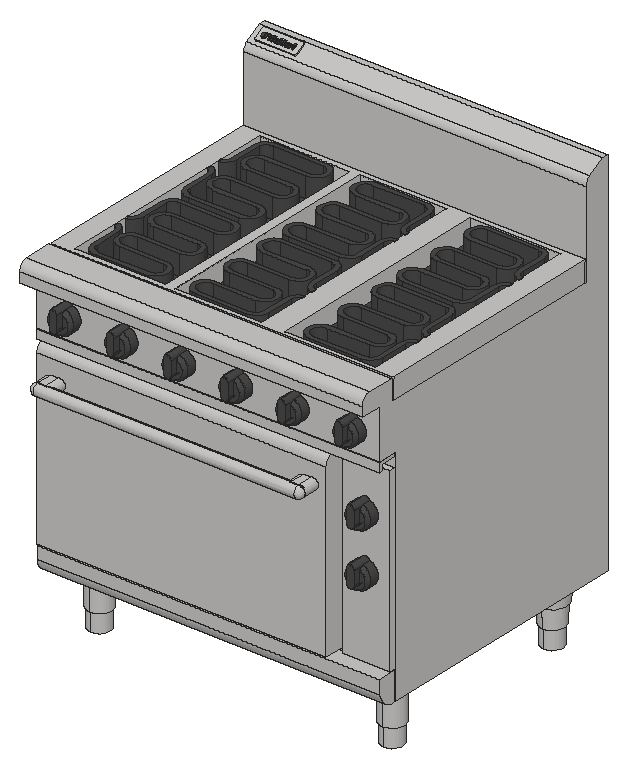
Revit family "QF_MOFFAT WALDORF_RN8610EC", category Specialty Equipment, Revit 2012 (continued)
Automatic sketch dimensions
  curve 111 to curve 111 = 25.191 mm
  curve 99 to curve 102 = 7 mm
  curve 126 to plane 16 = 74.5 mm
  curve 102 to curve 103 = 20 mm
  curve 202 to plane 16 = 57.363 mm
  curve 218 to plane 16 = 57.363 mm
  plane 12 to curve 205 = 14.572 mm
  curve 205 to plane 16 = 57.363 mm
  curve 223 to plane 16 = 57.363 mm
  curve 197 to plane 16 = 37.344 mm
  curve 208 to plane 16 = 37.344 mm
  curve 215 to curve 208 = 0 mm
  curve 225 to plane 16 = 37.344 mm
  plane 13 to curve 209 = 18.176 mm
  curve 209 to curve 209 = 0.98 mm
  curve 197 to curve 197 = 0.98 mm
  curve 214 to curve 214 = 0.98 mm
  curve 225 to curve 226 = 0.98 mm
  curve 213 to plane 16 = 10.663 mm
  curve 209 to plane 16 = 10.663 mm
  curve 197 to plane 16 = 10.663 mm
  curve 228 to plane 16 = 10.663 mm
  plane 16 to curve 113 = 11.5 mm
  plane 16 to curve 212 = 16.122 mm
  plane 16 to curve 195 = 16.122 mm
  plane 16 to curve 211 = 16.304 mm
  curve 228 to plane 10 = 7.944 mm
  plane 16 to curve 228 = 16.304 mm
  curve 124 to curve 110 = 399.303 mm
  curve 109 to curve 106 = 76.143 mm
  curve 106 to curve 107 = 3.3 mm
  curve 112 to plane 5 "FRONT" = 111.585 mm
  curve 107 to curve 122 = 12.285 mm
  curve 117 to curve 112 = 0 mm
  curve 112 to curve 225 = 15.915 mm
  curve 117 to curve 192 = 15.915 mm
  curve 121 to curve 158 = 15.915 mm
  curve 225 to curve 226 = 24.666 mm
  curve 157 to curve 159 = 24.666 mm
  curve 192 to curve 193 = 24.666 mm
  curve 224 to curve 224 = 26.7 mm
  curve 156 to curve 156 = 26.7 mm
  curve 190 to curve 190 = 26.7 mm
  curve 222 to plane 10 = 21.128 mm
  curve 188 to plane 10 = 21.128 mm
  curve 160 to plane 10 = 7.944 mm
  curve 194 to plane 10 = 7.363 mm
  curve 228 to plane 10 = 7.363 mm
  curve 160 to plane 10 = 7.363 mm
  curve 187 to curve 186 = 26.7 mm
  curve 153 to curve 152 = 26.7 mm
  curve 160 to curve 144 = 31.439 mm
  curve 228 to curve 212 = 31.443 mm
  curve 194 to curve 178 = 31.443 mm
  curve 178 to curve 179 = 25.867 mm
  curve 212 to curve 212 = 25.867 mm
  curve 144 to curve 144 = 25.867 mm
  curve 184 to curve 184 = 28.7 mm
  curve 219 to curve 218 = 28.7 mm
  curve 150 to curve 150 = 28.7 mm
  curve 214 to curve 214 = 25.704 mm
  curve 180 to curve 180 = 25.704 mm
  plane 13 to curve 141 = 17.138 mm
  curve 208 to curve 207 = 26.7 mm
  plane 12 to curve 171 = 14.572 mm
  plane 12 to curve 211 = 27.756 mm
  plane 12 to curve 143 = 27.756 mm
  curve 177 to curve 177 = 0.581 mm
  curve 143 to curve 142 = 0.581 mm
  curve 211 to curve 210 = 0.581 mm
  curve 203 to curve 203 = 26.7 mm
  curve 135 to curve 135 = 26.7 mm
  curve 169 to curve 169 = 26.7 mm
  curve 143 to curve 127 = 31.439 mm
  curve 177 to curve 161 = 31.443 mm
  curve 211 to curve 195 = 31.443 mm
  curve 195 to curve 196 = 25.867 mm
  curve 161 to curve 161 = 25.867 mm
  curve 127 to curve 127 = 25.867 mm
  curve 167 to curve 167 = 28.7 mm
  curve 201 to curve 201 = 28.7 mm
  curve 133 to curve 133 = 28.7 mm
  curve 200 to curve 199 = 26.7 mm
  curve 165 to curve 165 = 26.7 mm
  curve 131 to curve 131 = 26.7 mm
  curve 129 to curve 129 = 25.704 mm
  curve 197 to curve 197 = 25.704 mm
  curve 163 to curve 164 = 25.704 mm
  curve 165 to curve 116 = 12.216 mm
  curve 196 to curve 115 = 36.882 mm
  curve 123 to curve 116 = 0 mm
  curve 108 to curve 5 = 21.5 mm
  curve 108 to curve 4 = 2.734 mm
  curve 47 to plane 17 = 18.526 mm
  curve 88 to plane 17 = 18.526 mm
  curve 104 to plane 17 = 18.526 mm
  curve 7 to curve 9 = 0.709 mm
  curve 84 to curve 86 = 0 mm
  curve 10 to curve 13 = 0 mm
  curve 80 to curve 82 = 0 mm
  curve 14 to curve 17 = 0 mm
  curve 76 to curve 78 = 0 mm
  curve 18 to curve 21 = 0 mm
  curve 87 to curve 90 = 0 mm
  curve 22 to curve 26 = 0 mm
  curve 91 to curve 94 = 0 mm
  curve 27 to curve 30 = 0 mm
  curve 72 to curve 74 = 0 mm
  curve 31 to curve 34 = 0 mm
  curve 68 to curve 70 = 0 mm
  curve 64 to curve 66 = 0 mm
  curve 100 to curve 102 = 0 mm  (x2)
  curve 60 to curve 62 = 0 mm  (x2)
  curve 35 to curve 38 = 0 mm
  curve 56 to curve 58 = 0 mm
  curve 39 to curve 42 = 0 mm
  curve 52 to curve 54 = 0 mm  (x2)
  curve 40 to curve 45 = 0 mm
  plane 17 to curve 37 = 9.738 mm
  curve 28 to curve 33 = 0 mm
  curve 84 to curve 89 = 0 mm
  plane 17 to curve 20 = 9.738 mm
  curve 11 to curve 16 = 0 mm
  plane 17 to curve 6 = 11.042 mm
  Extrusion 1 sketch curve to plane 5 "FRONT" = 0 mm
  Extrusion 1 sketch curve to plane 6 "TOP" = 0 mm
  Extrusion 1 sketch curve to plane 1 "BACK" = 0 mm
  Extrusion 1 sketch curve to plane 5 "FRONT" = 24 mm
  Extrusion 1 sketch curve to plane 5 "FRONT" = 56 mm
  Extrusion 1 sketch curve to Extrusion 1 sketch curve = 0 mm
  Extrusion 1 sketch curve to plane 5 "FRONT" = 58.27 mm
  Extrusion 1 sketch curve to Extrusion 1 sketch curve = 6.387 mm
  Extrusion 1 sketch curve to Extrusion 1 sketch curve = 8.776 mm
  Extrusion 1 sketch curve to Extrusion 1 sketch curve = 40 mm
  Extrusion 1 sketch curve to Extrusion 1 sketch curve = 43.174 mm
  Extrusion 1 sketch curve to Extrusion 1 sketch curve = 2.626 mm
  Extrusion 1 sketch curve to Extrusion 1 sketch curve = 41.683 mm
  Extrusion 1 sketch curve to Extrusion 1 sketch curve = 4.2 mm  (x2)
  Extrusion 1 sketch curve to plane 17 = 38 mm
  Extrusion 1 sketch curve to Extrusion 1 sketch curve = 11.291 mm
  Extrusion 1 sketch curve to plane 17 = 15.418 mm
  plane 17 to Extrusion 1 sketch curve = 15.5 mm
  plane 18 to Extrusion 1 sketch curve = 81.219 mm
  Extrusion 1 sketch curve to Extrusion 1 sketch curve = 2.216 mm
  Extrusion 1 sketch curve to Extrusion 1 sketch curve = 7.004 mm
  Extrusion 1 sketch curve to Extrusion 1 sketch curve = 16.999 mm
  level to Extrusion 1 sketch curve = 222.5 mm
  Extrusion 1 sketch curve to Extrusion 1 sketch curve = 28.982 mm
  Extrusion 1 sketch curve to Extrusion 1 sketch curve = 34.5 mm
  Extrusion 1 sketch curve to Extrusion 1 sketch curve = 0.071 mm
  Extrusion 1 sketch curve to plane 6 "TOP" = 43.926 mm
  Extrusion 1 to Split face 1 sketch curve = 1.962 mm
  Split face 1 sketch curve to Extrusion 1 = 14.14 mm
  Split face 1 sketch curve to Extrusion 1 = 129.583 mm
  Split face 1 sketch curve to Split face 1 sketch curve = 20 mm
  Extrusion 1 to Split face 2 sketch curve = 1.962 mm
  Split face 2 sketch curve to Extrusion 1 = 14.14 mm
  Split face 2 sketch curve to Extrusion 1 = 156.5 mm
  Split face 2 sketch curve to Split face 2 sketch curve = 20 mm
  Extrusion 1 to Split face 3 sketch curve = 1.962 mm
  Split face 3 sketch curve to Extrusion 1 = 14.14 mm
  Split face 3 sketch curve to Extrusion 1 = 183.5 mm
  Split face 3 sketch curve to Split face 3 sketch curve = 20 mm
  Extrusion 1 to Split face 4 sketch curve = 1.962 mm
  Split face 4 sketch curve to Extrusion 1 = 14.14 mm
  Split face 4 sketch curve to Extrusion 1 = 210.5 mm
  Split face 4 sketch curve to Split face 4 sketch curve = 20 mm
  Extrusion 1 to Split face 5 sketch curve = 1.962 mm
  Split face 5 sketch curve to Extrusion 1 = 14.14 mm
  Split face 5 sketch curve to Extrusion 1 = 237.5 mm
  Split face 5 sketch curve to Split face 5 sketch curve = 20 mm
  Extrusion 1 to Split face 6 sketch curve = 1.962 mm
  Split face 6 sketch curve to Extrusion 1 = 14.14 mm
  Split face 6 sketch curve to Extrusion 1 = 264.5 mm
  Split face 6 sketch curve to Split face 6 sketch curve = 20 mm
  Extrusion 1 to Split face 7 sketch curve = 1.962 mm
  Split face 7 sketch curve to Extrusion 1 = 14.14 mm
  Split face 7 sketch curve to Extrusion 1 = 291.5 mm
  Split face 7 sketch curve to Split face 7 sketch curve = 20 mm
  Extrusion 1 to Split face 8 sketch curve = 1.962 mm
  Split face 8 sketch curve to Extrusion 1 = 14.14 mm
  Split face 8 sketch curve to Extrusion 1 = 281.5 mm
  Split face 8 sketch curve to Split face 8 sketch curve = 20 mm
  Extrusion 1 to Split face 9 sketch curve = 1.962 mm
  Split face 9 sketch curve to Extrusion 1 = 14.14 mm
  Split face 9 sketch curve to Extrusion 1 = 254.5 mm
  Split face 9 sketch curve to Split face 9 sketch curve = 20 mm
  Extrusion 1 to Split face 10 sketch curve = 1.962 mm
  Split face 10 sketch curve to Extrusion 1 = 14.14 mm
  Split face 10 sketch curve to Extrusion 1 = 227.5 mm
  Split face 10 sketch curve to Split face 10 sketch curve = 20 mm
  Extrusion 1 to Split face 11 sketch curve = 1.962 mm
  Split face 11 sketch curve to Extrusion 1 = 14.14 mm
  Split face 11 sketch curve to Extrusion 1 = 200.5 mm
  Split face 11 sketch curve to Split face 11 sketch curve = 20 mm
  Extrusion 1 to Split face 12 sketch curve = 1.962 mm
  Split face 12 sketch curve to Extrusion 1 = 14.14 mm
  Split face 12 sketch curve to Extrusion 1 = 173.5 mm
  Split face 12 sketch curve to Split face 12 sketch curve = 20 mm
  Extrusion 1 to Split face 13 sketch curve = 1.962 mm
  Split face 13 sketch curve to Extrusion 1 = 14.14 mm
  Split face 13 sketch curve to Extrusion 1 = 146.5 mm
  Split face 13 sketch curve to Split face 13 sketch curve = 20 mm
  plane 18 to Extrusion 2 sketch curve = 21 mm
  Extrusion 2 sketch curve to plane 5 "FRONT" = 56 mm
  Extrusion 2 sketch curve to Extrusion 2 sketch curve = 24 mm
  Extrusion 2 sketch curve to Extrusion 2 sketch curve = 50 mm
  level to Extrusion 2 sketch curve = 227.5 mm
  Extrusion 3 sketch curve to Extrusion 3 sketch curve = 15 mm
  level to Extrusion 3 sketch curve = 227.5 mm
  Extrusion 1 to Split face 14 sketch curve = 1.962 mm
  Split face 14 sketch curve to Extrusion 1 = 14.14 mm
  Split face 14 sketch curve to Extrusion 1 = 320.812 mm
  Split face 14 sketch curve to Split face 14 sketch curve = 20 mm
  Extrusion 1 to Split face 15 sketch curve = 1.962 mm
  Split face 15 sketch curve to Extrusion 1 = 14.14 mm
  Split face 15 sketch curve to Extrusion 1 = 350.039 mm
  Split face 15 sketch curve to Split face 15 sketch curve = 20 mm
  Extrusion 1 to Split face 16 sketch curve = 1.962 mm
  Split face 16 sketch curve to Extrusion 1 = 14.14 mm
  Split face 16 sketch curve to Extrusion 1 = 377.038 mm
  Split face 16 sketch curve to Split face 16 sketch curve = 20 mm
  Extrusion 1 to Split face 17 sketch curve = 1.962 mm
  Split face 17 sketch curve to Extrusion 1 = 14.14 mm
  Split face 17 sketch curve to Extrusion 1 = 402.514 mm
  Split face 17 sketch curve to Split face 17 sketch curve = 20 mm
  Extrusion 1 to Split face 18 sketch curve = 1.962 mm
  Split face 18 sketch curve to Extrusion 1 = 14.14 mm
  Split face 18 sketch curve to Extrusion 1 = 428.962 mm
  Split face 18 sketch curve to Split face 18 sketch curve = 20 mm
  Extrusion 1 to Split face 19 sketch curve = 1.962 mm
  Split face 19 sketch curve to Extrusion 1 = 14.14 mm
  Split face 19 sketch curve to Extrusion 1 = 444.954 mm
  Split face 19 sketch curve to Split face 19 sketch curve = 20 mm
  Extrusion 1 to Split face 20 sketch curve = 1.962 mm
  Split face 20 sketch curve to Extrusion 1 = 14.14 mm
  Split face 20 sketch curve to Extrusion 1 = 419.057 mm
  Split face 20 sketch curve to Split face 20 sketch curve = 20 mm
  Extrusion 1 to Split face 21 sketch curve = 1.962 mm
  Split face 21 sketch curve to Extrusion 1 = 14.14 mm
  Split face 21 sketch curve to Extrusion 1 = 392.609 mm
  Split face 21 sketch curve to Split face 21 sketch curve = 20 mm
  Extrusion 1 to Split face 22 sketch curve = 1.962 mm
  Split face 22 sketch curve to Extrusion 1 = 14.14 mm
  Split face 22 sketch curve to Extrusion 1 = 362.304 mm
  Split face 22 sketch curve to Split face 22 sketch curve = 20 mm
  Extrusion 1 to Split face 23 sketch curve = 1.962 mm
  Split face 23 sketch curve to Extrusion 1 = 14.14 mm
  Split face 23 sketch curve to Extrusion 1 = 334.203 mm
  Split face 23 sketch curve to Split face 23 sketch curve = 20 mm
  Extrusion 1 to Split face 24 sketch curve = 1.962 mm
  Split face 24 sketch curve to Extrusion 1 = 14.14 mm
  Split face 24 sketch curve to Extrusion 1 = 308.857 mm
  Split face 24 sketch curve to Split face 24 sketch curve = 20 mm
  Revolve 4 sketch curve to level = 0 mm
  Revolve 4 sketch curve to plane 17 = 110.753 mm
  Revolve 4 sketch curve to Revolve 4 sketch curve = 4.159 mm
  Revolve 4 sketch curve to Revolve 4 sketch curve = 5.012 mm
  Revolve 4 sketch curve to Revolve 4 sketch curve = 1.832 mm
  Revolve 4 sketch curve to Revolve 4 sketch curve = 4.25 mm
  Revolve 4 sketch curve to Revolve 4 sketch curve = 42.753 mm
  Revolve 4 sketch curve to Revolve 4 sketch curve = 0 mm  (x2)
  level to Revolve 4 sketch curve = 50 mm
  Revolve 4 sketch curve to Revolve 4 sketch curve = 52.468 mm
  Revolve 4 sketch curve to Revolve 4 sketch curve = 47.532 mm
  Revolve 4 sketch curve to Revolve 4 sketch curve = 55 mm
  Revolve 5 sketch curve to level = 0 mm
  Revolve 5 sketch curve to plane 10 = 82.478 mm
  Revolve 5 sketch curve to Revolve 5 sketch curve = 4.25 mm
  Revolve 5 sketch curve to Revolve 5 sketch curve = 27.5 mm  (x2)
  level to Revolve 5 sketch curve = 50 mm
  Revolve 5 sketch curve to Revolve 5 sketch curve = 0 mm
  Revolve 5 sketch curve to Revolve 5 sketch curve = 100 mm
  Revolve 5 sketch curve to Revolve 5 sketch curve = 55 mm
  Revolve 6 sketch curve to level = 0 mm
  Revolve 6 sketch curve to plane 17 = 110.753 mm
  Revolve 6 sketch curve to Revolve 6 sketch curve = 0 mm  (x3)
  Revolve 6 sketch curve to Revolve 6 sketch curve = 4.159 mm
  Revolve 6 sketch curve to Revolve 6 sketch curve = 5.012 mm
  Revolve 6 sketch curve to Revolve 6 sketch curve = 1.832 mm
  Revolve 6 sketch curve to Revolve 6 sketch curve = 4.25 mm
  Revolve 6 sketch curve to Revolve 6 sketch curve = 42.753 mm
  Revolve 6 sketch curve to level = 55 mm
  Revolve 6 sketch curve to Revolve 6 sketch curve = 50 mm
  Revolve 6 sketch curve to Revolve 6 sketch curve = 52.468 mm
  Revolve 6 sketch curve to Revolve 6 sketch curve = 47.532 mm
  Revolve 7 sketch curve to level = 0 mm
  Revolve 7 sketch curve to plane 10 = 82.478 mm
  Revolve 7 sketch curve to Revolve 7 sketch curve = 4.25 mm
  Revolve 7 sketch curve to Revolve 7 sketch curve = 27.5 mm  (x2)
  Revolve 7 sketch curve to level = 55 mm
  Revolve 7 sketch curve to Revolve 7 sketch curve = 50 mm
  Revolve 7 sketch curve to Revolve 7 sketch curve = 0 mm
  Revolve 7 sketch curve to Revolve 7 sketch curve = 100 mm
  Extrusion 8 sketch curve to plane 4 "RIGHT" = 0 mm
  plane 3 "LEFT" to Extrusion 8 sketch curve = 4 mm
  Extrusion 8 sketch curve to plane 17 = 39 mm
  Extrusion 8 sketch curve to Extrusion 8 sketch curve = 3 mm  (x2)
  plane 16 to Extrusion 8 sketch curve = 11.5 mm
  Extrusion 8 sketch curve to Extrusion 8 sketch curve = 11.284 mm
  plane 9 to Extrusion 8 sketch curve = 13.3 mm
  Extrusion 8 sketch curve to plane 17 = 53.284 mm
  Extrusion 8 sketch curve to Extrusion 8 sketch curve = 0 mm  (x2)
  Extrusion 8 sketch curve to plane 11 = 6 mm
  Extrusion 8 sketch curve to plane 5 "FRONT" = 111.585 mm  (x2)
  Extrusion 8 sketch curve to Extrusion 8 sketch curve = 7.585 mm  (x2)
  Extrusion 8 sketch curve to Extrusion 8 sketch curve = 23.4 mm
  plane 7 "Center Y" to Extrusion 8 sketch curve = 96 mm
  Extrusion 8 sketch curve to Extrusion 8 sketch curve = 60.7 mm
  Revolve 9 sketch curve to plane 5 "FRONT" = 12 mm
  Revolve 9 sketch curve to Revolve 9 sketch curve = 0 mm  (x2)
  Revolve 9 sketch curve to Revolve 9 sketch curve = 11 mm
  Revolve 9 sketch curve to Revolve 9 sketch curve = 12.7 mm
  Revolve 9 sketch curve to Revolve 9 sketch curve = 23 mm
  Revolve 9 sketch curve to Revolve 9 sketch curve = 10 mm
  plane 18 to Revolve 9 sketch curve = 141.882 mm
  Revolve 9 sketch curve to Revolve 9 sketch curve = 5 mm
  Revolve 9 sketch curve to Revolve 9 sketch curve = 26.651 mm
  Revolve 9 sketch curve to Revolve 9 sketch curve = 5.849 mm
  Revolve 10 sketch curve to plane 5 "FRONT" = 12 mm
  Revolve 10 sketch curve to Revolve 10 sketch curve = 0 mm  (x2)
  Revolve 10 sketch curve to Revolve 10 sketch curve = 11 mm
  Revolve 10 sketch curve to Revolve 10 sketch curve = 12.7 mm
  Revolve 10 sketch curve to Revolve 10 sketch curve = 23 mm
  Revolve 10 sketch curve to Revolve 10 sketch curve = 10 mm
  plane 18 to Revolve 10 sketch curve = 141.882 mm
  Revolve 10 sketch curve to Revolve 10 sketch curve = 5 mm
  Revolve 10 sketch curve to Revolve 10 sketch curve = 26.651 mm
  Revolve 10 sketch curve to Revolve 10 sketch curve = 5.849 mm
  Revolve 11 sketch curve to plane 5 "FRONT" = 12 mm
  Revolve 11 sketch curve to Revolve 11 sketch curve = 0 mm  (x2)
  Revolve 11 sketch curve to Revolve 11 sketch curve = 11 mm
  Revolve 11 sketch curve to Revolve 11 sketch curve = 12.7 mm
  Revolve 11 sketch curve to Revolve 11 sketch curve = 23 mm
  Revolve 11 sketch curve to Revolve 11 sketch curve = 10 mm
  plane 18 to Revolve 11 sketch curve = 174.382 mm
  Revolve 11 sketch curve to Revolve 11 sketch curve = 5.849 mm
  Revolve 11 sketch curve to Revolve 11 sketch curve = 27.5 mm
  Revolve 11 sketch curve to Revolve 11 sketch curve = 5 mm
  Revolve 12 sketch curve to plane 5 "FRONT" = 12 mm
  Revolve 12 sketch curve to Revolve 12 sketch curve = 0 mm  (x2)
  Revolve 12 sketch curve to Revolve 12 sketch curve = 11 mm
  Revolve 12 sketch curve to Revolve 12 sketch curve = 12.7 mm
  Revolve 12 sketch curve to Revolve 12 sketch curve = 23 mm
  Revolve 12 sketch curve to Revolve 12 sketch curve = 10 mm
  plane 18 to Revolve 12 sketch curve = 174.382 mm
  Revolve 12 sketch curve to Revolve 12 sketch curve = 5.849 mm
  Revolve 12 sketch curve to Revolve 12 sketch curve = 27.5 mm
  Revolve 12 sketch curve to Revolve 12 sketch curve = 5 mm
  Revolve 13 sketch curve to plane 5 "FRONT" = 12 mm
  Revolve 13 sketch curve to Revolve 13 sketch curve = 0 mm  (x2)
  Revolve 13 sketch curve to Revolve 13 sketch curve = 11 mm
  Revolve 13 sketch curve to Revolve 13 sketch curve = 12.7 mm
  Revolve 13 sketch curve to Revolve 13 sketch curve = 23 mm
  Revolve 13 sketch curve to Revolve 13 sketch curve = 10 mm
  plane 18 to Revolve 13 sketch curve = 174.382 mm
  Revolve 13 sketch curve to Revolve 13 sketch curve = 5.849 mm
  Revolve 13 sketch curve to Revolve 13 sketch curve = 27.5 mm
  Revolve 13 sketch curve to Revolve 13 sketch curve = 5 mm
  Revolve 14 sketch curve to plane 5 "FRONT" = 12 mm
  Revolve 14 sketch curve to Revolve 14 sketch curve = 0 mm  (x2)
  Revolve 14 sketch curve to Revolve 14 sketch curve = 11 mm
  Revolve 14 sketch curve to Revolve 14 sketch curve = 12.7 mm
  Revolve 14 sketch curve to Revolve 14 sketch curve = 23 mm
  Revolve 14 sketch curve to Revolve 14 sketch curve = 10 mm
  plane 18 to Revolve 14 sketch curve = 174.382 mm
  Revolve 14 sketch curve to Revolve 14 sketch curve = 5.849 mm
  Revolve 14 sketch curve to Revolve 14 sketch curve = 27.5 mm
  Revolve 14 sketch curve to Revolve 14 sketch curve = 5 mm
  plane 14 to Extrusion 15 sketch curve = 26.156 mm
  Extrusion 15 sketch curve to Extrusion 15 sketch curve = 10 mm
  plane 18 to Extrusion 15 sketch curve = 168.882 mm
  Extrusion 15 sketch curve to Extrusion 15 sketch curve = 35 mm
  Extrusion 16 sketch curve to plane 9 = 29.844 mm
  Extrusion 16 sketch curve to Extrusion 16 sketch curve = 10 mm
  plane 18 to Extrusion 16 sketch curve = 168.882 mm
  Extrusion 16 sketch curve to Extrusion 16 sketch curve = 35 mm
  Extrusion 17 sketch curve to plane 16 = 4.656 mm
  plane 16 to Extrusion 17 sketch curve = 5.344 mm
  plane 18 to Extrusion 17 sketch curve = 133.882 mm
  Extrusion 17 sketch curve to Extrusion 17 sketch curve = 35 mm
  Extrusion 18 sketch curve to plane 16 = 154.656 mm
  Extrusion 18 sketch curve to Extrusion 18 sketch curve = 10 mm
  plane 18 to Extrusion 18 sketch curve = 133.882 mm
  Extrusion 18 sketch curve to Extrusion 18 sketch curve = 35 mm
  Extrusion 19 sketch curve to plane 7 "Center Y" = 49.868 mm
  Extrusion 19 sketch curve to Extrusion 19 sketch curve = 10 mm
  plane 18 to Extrusion 19 sketch curve = 168.882 mm
  Extrusion 19 sketch curve to Extrusion 19 sketch curve = 35 mm
  plane 7 "Center Y" to Extrusion 20 sketch curve = 100.132 mm
  Extrusion 20 sketch curve to Extrusion 20 sketch curve = 10 mm
  plane 18 to Extrusion 20 sketch curve = 168.882 mm
  Extrusion 20 sketch curve to Extrusion 20 sketch curve = 35 mm
  Revolve 21 sketch curve to plane 5 "FRONT" = 54.5 mm
  Revolve 21 sketch curve to Revolve 21 sketch curve = 0 mm  (x2)
  Revolve 21 sketch curve to Revolve 21 sketch curve = 11 mm
  Revolve 21 sketch curve to Revolve 21 sketch curve = 12.7 mm
  Revolve 21 sketch curve to Revolve 21 sketch curve = 23 mm
  Revolve 21 sketch curve to Revolve 21 sketch curve = 10 mm
  Revolve 21 sketch curve to plane 18 = 73.118 mm
  Revolve 21 sketch curve to Revolve 21 sketch curve = 5 mm
  Revolve 21 sketch curve to Revolve 21 sketch curve = 26.651 mm
  Revolve 21 sketch curve to Revolve 21 sketch curve = 5.849 mm
  Extrusion 22 sketch curve to plane 16 = 7.156 mm
  plane 16 to Extrusion 22 sketch curve = 2.844 mm
  Extrusion 22 sketch curve to plane 18 = 81.118 mm
  Extrusion 22 sketch curve to Extrusion 22 sketch curve = 35 mm
  Extrusion 23 sketch curve to Extrusion 1 = 80 mm
  Extrusion 23 sketch curve to Extrusion 1 = 230.73 mm
  Extrusion 24 sketch curve to plane 5 "FRONT" = 56 mm
  level to Extrusion 24 sketch curve = 227.5 mm
  plane 5 "FRONT" to Extrusion 24 sketch curve = 413.847 mm
  Extrusion 25 sketch curve to Extrusion 25 sketch curve = 0 mm  (x98)
  Extrusion 25 sketch curve to plane 17 = 58.503 mm  (x3)
  Extrusion 25 sketch curve to Extrusion 25 sketch curve = 11.997 mm  (x3)
  Extrusion 25 sketch curve to Extrusion 25 sketch curve = 19.532 mm  (x3)
  Extrusion 25 sketch curve to plane 14 = 5.707 mm  (x2)
  Extrusion 25 sketch curve to plane 16 = 2.793 mm  (x2)
  plane 14 to Extrusion 25 sketch curve = 6.3 mm  (x4)
  Extrusion 25 sketch curve to Extrusion 25 sketch curve = 0.24 mm  (x6)
  Extrusion 25 sketch curve to Extrusion 25 sketch curve = 0.931 mm  (x6)
  Extrusion 25 sketch curve to Extrusion 25 sketch curve = 0.01 mm  (x6)
  Extrusion 25 sketch curve to Extrusion 25 sketch curve = 21.7 mm  (x21)
  Extrusion 25 sketch curve to Extrusion 25 sketch curve = 0.002 mm  (x6)
  plane 16 to Extrusion 25 sketch curve = 16.984 mm
  Extrusion 25 sketch curve to Extrusion 25 sketch curve = 70.811 mm  (x6)
  Extrusion 25 sketch curve to plane 11 = 11.488 mm  (x2)
  Extrusion 25 sketch curve to Extrusion 25 sketch curve = 0.447 mm  (x6)
  Extrusion 25 sketch curve to Extrusion 25 sketch curve = 0.12 mm  (x6)
  Extrusion 25 sketch curve to plane 11 = 6 mm  (x4)
  plane 16 to Extrusion 25 sketch curve = 11.5 mm  (x3)
  Extrusion 25 sketch curve to Extrusion 25 sketch curve = 19.01 mm  (x3)
  Extrusion 25 sketch curve to Extrusion 25 sketch curve = 12.303 mm  (x6)
  Extrusion 25 sketch curve to Extrusion 25 sketch curve = 21.593 mm  (x6)
  Extrusion 25 sketch curve to Extrusion 25 sketch curve = 12.315 mm  (x4)
  plane 12 to Extrusion 25 sketch curve = 28.389 mm  (x3)
  Extrusion 25 sketch curve to plane 16 = 14.8 mm
  Extrusion 25 sketch curve to plane 16 = 2.8 mm  (x2)
  Extrusion 25 sketch curve to Extrusion 25 sketch curve = 0.133 mm  (x3)
  Extrusion 25 sketch curve to Extrusion 25 sketch curve = 0.5 mm
  Extrusion 25 sketch curve to plane 11 = 11.667 mm
  plane 12 to Extrusion 25 sketch curve = 14.572 mm  (x3)
  plane 13 to Extrusion 25 sketch curve = 19.172 mm  (x3)
  plane 13 to Extrusion 25 sketch curve = 18.176 mm  (x3)
  plane 13 to Extrusion 25 sketch curve = 17.245 mm  (x3)
  Extrusion 25 sketch curve to Extrusion 25 sketch curve = 0.239 mm  (x6)
  plane 8 "Center X" to Extrusion 25 sketch curve = 6.997 mm  (x3)
  Extrusion 25 sketch curve to plane 8 "Center X" = 5 mm  (x3)
  Extrusion 25 sketch curve to plane 8 "Center X" = 24.532 mm  (x3)
  Extrusion 25 sketch curve to Extrusion 25 sketch curve = 20.704 mm  (x6)
  plane 16 to Extrusion 25 sketch curve = 16.988 mm
  plane 10 to Extrusion 25 sketch curve = 11.208 mm  (x2)
  Extrusion 25 sketch curve to plane 10 = 7.311 mm  (x3)
  Extrusion 25 sketch curve to plane 10 = 7.444 mm  (x3)
  Extrusion 25 sketch curve to plane 10 = 7.944 mm  (x3)
  Extrusion 25 sketch curve to plane 10 = 21.128 mm  (x3)
  Extrusion 25 sketch curve to Extrusion 25 sketch curve = 20.701 mm  (x4)
  Extrusion 25 sketch curve to Extrusion 25 sketch curve = 0.001 mm  (x5)
  Extrusion 25 sketch curve to Extrusion 25 sketch curve = 41.7 mm  (x3)
  Extrusion 25 sketch curve to Extrusion 25 sketch curve = 20.999 mm
  Extrusion 25 sketch curve to plane 9 = 45.4 mm  (x3)
  Extrusion 25 sketch curve to plane 7 "Center Y" = 84.6 mm  (x2)
  plane 7 "Center Y" to Extrusion 25 sketch curve = 28 mm  (x4)
  plane 7 "Center Y" to Extrusion 25 sketch curve = 47.862 mm  (x2)
  Extrusion 25 sketch curve to Extrusion 25 sketch curve = 0.032 mm  (x2)
  plane 7 "Center Y" to Extrusion 25 sketch curve = 47.894 mm
  Extrusion 25 sketch curve to Extrusion 25 sketch curve = 0.226 mm  (x3)
  Extrusion 25 sketch curve to Extrusion 25 sketch curve = 0.258 mm  (x4)
  Extrusion 25 sketch curve to Extrusion 25 sketch curve = 0.879 mm  (x4)
  Extrusion 25 sketch curve to Extrusion 25 sketch curve = 14.293 mm
  Extrusion 25 sketch curve to Extrusion 25 sketch curve = 133.7 mm
  Extrusion 25 sketch curve to Extrusion 25 sketch curve = 133.693 mm  (x2)
  Extrusion 25 sketch curve to plane 16 = 56.5 mm
  Extrusion 25 sketch curve to plane 16 = 36.638 mm  (x2)
  Extrusion 25 sketch curve to plane 16 = 36.606 mm
  Revolve 26 sketch curve to plane 5 "FRONT" = 54.5 mm
  Revolve 26 sketch curve to Revolve 26 sketch curve = 0 mm  (x2)
  Revolve 26 sketch curve to Revolve 26 sketch curve = 11 mm
  Revolve 26 sketch curve to Revolve 26 sketch curve = 12.7 mm
  Revolve 26 sketch curve to Revolve 26 sketch curve = 23 mm
  Revolve 26 sketch curve to Revolve 26 sketch curve = 10 mm
  Revolve 26 sketch curve to plane 18 = 214.368 mm
  Revolve 26 sketch curve to Revolve 26 sketch curve = 5 mm
  Revolve 26 sketch curve to Revolve 26 sketch curve = 26.651 mm
  Revolve 26 sketch curve to Revolve 26 sketch curve = 5.849 mm
  Extrusion 27 sketch curve to plane 16 = 7.156 mm
  plane 16 to Extrusion 27 sketch curve = 2.844 mm
  Extrusion 27 sketch curve to plane 18 = 222.368 mm
  Extrusion 27 sketch curve to Extrusion 27 sketch curve = 35 mm
  Extrusion 3 sketch curve to plane 5 "FRONT" = 91 mm
  plane 18 to Extrusion 3 sketch curve = 45 mm
  Extrusion 28 sketch curve to plane 11 = 1.472 mm
  Extrusion 28 sketch curve to plane 18 = 46.875 mm  (x2)
  Extrusion 28 sketch curve to Extrusion 28 sketch curve = 15 mm  (x2)
  Extrusion 28 sketch curve to plane 16 = 131.743 mm
  Extrusion 28 sketch curve to Extrusion 28 sketch curve = 20.282 mm  (x2)
  Revolve 29 sketch curve to plane 3 "LEFT" = 6.961 mm
  plane 3 "LEFT" to Revolve 29 sketch curve = 23.246 mm
  Revolve 29 sketch curve to plane 18 = 16.875 mm
  Revolve 29 sketch curve to Revolve 29 sketch curve = 15 mm
  Revolve 29 sketch curve to plane 18 = 31.875 mm
  plane 7 "Center Y" to Revolve 29 sketch curve = 138.039 mm
  Revolve 29 sketch curve to plane 16 = 111.461 mm
  radius of Extrusion 23 sketch curve = 10 mm
Nested families
  nested 1: "WALDORF LOGO_FACE BASE" at (12.5, -21.284, 1127.238) x (1, 0, 0) z (0, -0.5, 0.866), visible <- "Show Logo", type "WALDORF LOGO_FACE BASE", detail levels medium+fine
    with Show Logo yes
Connectors
  electrical at (820, -466, 145), driven by "Volts", driven by "Watts"
    settings: on Extrusion 23, index 5, voltage 415 V, apparent load 21000 VA, apparent load phase1 0 VA, apparent load phase2 0 VA, apparent load phase3 0 VA, power factor 1, load classification "Other", number of poles 1, system type 30, power factor state 1, is connector primary yes, connector utility no, sub classification motor no, connector description "ELECTRICAL CONNECTION"
Definition of nested family "WALDORF LOGO_FACE BASE"
  Parameters (values of type "WALDORF LOGO_FACE BASE")
    Show Logo [instance] = yes
    Default Elevation = 1219.2 mm
  Reference planes
    plane 1 "Center (Front/Back)": y = 0
    plane 2: z = 0
    plane 3 "Center (Left/Right)": x = 0
  Forms (mm)
    Extrusion 1, solid
      sketch origin (0, 0, 0) x (1, 0, 0) y (0, 1, 0)
        loop
          line (-1219.2, 1219.2) -> (-1219.2, -1219.2) -> (1219.2, -1219.2) -> (1219.2, 1219.2) -> (-1219.2, 1219.2)
      from 0 to -304.8
    Extrusion 2, solid, material "QF_Finishes_Stainless Steel", visible <- "Show Logo"
      sketch origin (0, -33.217, 0) x (1, 0, 0) y (0, 1, 0)
        loop
          arc (5, 34.14) -> (1.464, 32.676) -> (0, 29.14) r 5
          line (0, 29.14) -> (0, 5)
          arc (0, 5) -> (1.464, 1.464) -> (5, 0) r 5
          line (5, 0) -> (104, 0)
          arc (104, 0) -> (107.536, 1.464) -> (109, 5) r 5
          line (109, 5) -> (109, 29.14)
          arc (109, 29.14) -> (107.536, 32.676) -> (104, 34.14) r 5
          line (104, 34.14) -> (5, 34.14)
      from 0 to 1.588
    Extrusion 3, solid, material "QF_Finishes_Black", visible <- "Show Logo"
      sketch origin (0, -33.217, 1.588) x (1, 0, 0) y (0, 1, 0)
        loop
          line (24.772, 23.214) -> (27.992, 10.301) -> (31.551, 10.301) -> (33.443, 17.364) -> (35.205, 10.301) -> (39.332, 10.301) -> (42.077, 23.214) -> (38.352, 23.214) -> (36.676, 15.33) -> (35, 23.214) -> (31.752, 23.214) -> (30.076, 15.33) -> (28.4, 23.214) -> (24.772, 23.214)
        loop
          line (42.272, 17.055) -> (45.703, 17.055)
          spline (45.703, 17.055) -> (45.741, 17.285) -> (45.852, 17.499) -> (46.028, 17.682) -> (46.258, 17.823) -> (46.526, 17.912) -> (46.813, 17.942) -> (47.1, 17.912) -> (47.368, 17.823) -> (47.597, 17.682) -> (47.774, 17.499) -> (47.884, 17.285) -> (47.922, 17.055)
          line (47.922, 17.055) -> (47.922, 16.222)
          arc (47.922, 16.222) -> (45.742, 16.014) -> (43.665, 15.317) r 9.604
          arc (43.665, 15.317) -> (41.924, 12.809) -> (43.665, 10.301) r 2.677
          arc (43.665, 10.301) -> (45.527, 10.353) -> (47.332, 10.816) r 8.365
          line (47.332, 10.816) -> (48.092, 11.105) -> (48.092, 10.301) -> (51.817, 10.301) -> (51.817, 17.055)
          spline (51.817, 17.055) -> (51.654, 17.821) -> (51.178, 18.535) -> (50.419, 19.148) -> (49.431, 19.619) -> (48.28, 19.914) -> (47.044, 20.015) -> (45.809, 19.914) -> (44.658, 19.619) -> (43.67, 19.148) -> (42.911, 18.535) -> (42.434, 17.821) -> (42.272, 17.055)
        loop
          line (53.151, 23.214) -> (53.151, 10.301) -> (57.37, 10.301) -> (57.37, 23.214) -> (53.151, 23.214)
        loop
          line (64.874, 23.214) -> (64.874, 18.857)
          arc (64.874, 18.857) -> (58.083, 15.11) -> (64.874, 11.363) r 4.429
          line (64.874, 11.363) -> (64.874, 10.301) -> (68.378, 10.301) -> (68.378, 23.214) -> (64.874, 23.214)
        loop
          arc (64.874, 16.083) -> (61.41, 14.987) -> (64.874, 13.891) r 1.905
          line (64.874, 13.891) -> (64.874, 16.083)
        loop
          circle (74.623, 15.223) r 5
        loop
          spline (74.623, 17.856) -> (74.355, 17.766) -> (74.105, 17.503) -> (73.891, 17.084) -> (73.726, 16.539) -> (73.623, 15.904) -> (73.588, 15.223) -> (73.623, 14.541) -> (73.726, 13.906) -> (73.891, 13.361) -> (74.105, 12.942) -> (74.355, 12.679) -> (74.623, 12.59)
          spline (74.623, 12.59) -> (74.891, 12.679) -> (75.141, 12.942) -> (75.355, 13.361) -> (75.52, 13.906) -> (75.623, 14.541) -> (75.659, 15.223) -> (75.623, 15.904) -> (75.52, 16.539) -> (75.355, 17.084) -> (75.141, 17.503) -> (74.891, 17.766) -> (74.623, 17.856)
        loop
          line (81.255, 19.813) -> (81.255, 10.301) -> (84.834, 10.301) -> (84.834, 14.176)
          arc (84.834, 14.176) -> (85.854, 16.093) -> (88.013, 16.32) r 2.313
          line (88.013, 16.32) -> (88.013, 19.813) -> (87.161, 19.813)
          arc (87.161, 19.813) -> (85.526, 19.266) -> (84.549, 17.844) r 2.717
          line (84.549, 17.844) -> (84.549, 19.813) -> (81.255, 19.813)
        loop
          line (90.249, 19.813) -> (88.91, 19.813) -> (88.91, 17.614) -> (90.249, 17.614) -> (90.249, 10.301) -> (93.998, 10.301) -> (93.998, 17.614) -> (95.418, 17.614) -> (95.418, 19.813) -> (93.998, 19.813)
          arc (93.998, 19.813) -> (94.414, 20.817) -> (95.418, 21.233) r 1.42
          line (95.418, 21.233) -> (95.418, 23.602) -> (93.317, 23.602)
          arc (93.317, 23.602) -> (91.343, 22.903) -> (90.249, 21.118) r 3.137
          line (90.249, 21.118) -> (90.249, 19.813)
        loop
          arc (15.241, 23.571) -> (8.392, 16.525) -> (15.241, 9.479) r 7.049
          line (15.241, 9.479) -> (15.241, 23.571)
        loop
          line (15.641, 23.571) -> (15.641, 9.479)
          arc (15.641, 9.479) -> (22.49, 16.525) -> (15.641, 23.571) r 7.049
        loop
          arc (47.922, 14.711) -> (46.266, 13.749) -> (47.922, 12.787) r 1.107
          line (47.922, 12.787) -> (47.922, 14.711)
      from 0 to 0.2
  Dimensions and locks
    aligned and locked: plane 2 to Extrusion 1
    aligned and locked: level to Extrusion 1
